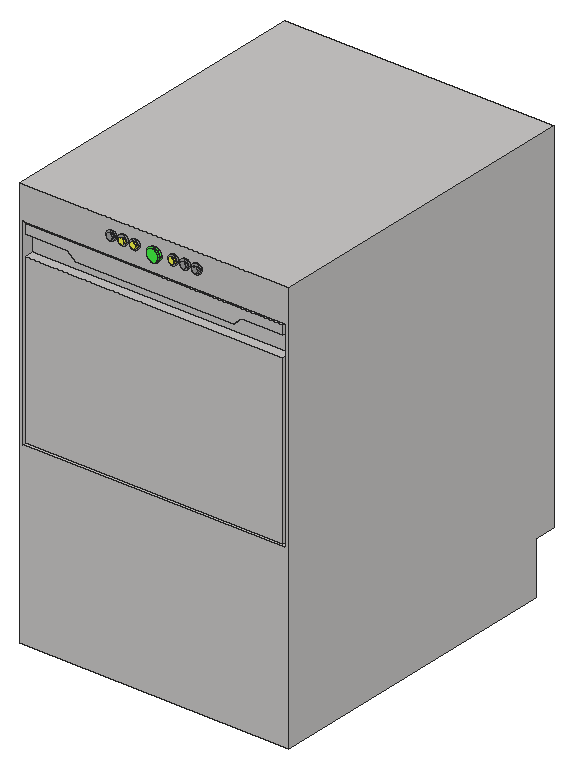
Revit family "QF_ELECTROLUXPROFESSIONAL_402204_ESICBP6", category Specialty Equipment, Revit 2018
Family settings
  Round Connector Dimension = Use Diameter
  Part Type = Normal
  Work Plane-Based = No
  Always vertical = Yes
  Cut with Voids When Loaded = No
  Shared = No
  Room Calculation Point = No
Parameters
  Weight = 41.70 kg
  Watts = 0 W
  Volts = 0 V
  URL Manufacturer = ""
  URL = "http://professional.electrolux.com/"
  Steam Supply Size = 0 mm
  Steam Supply Minimum Pressure = 0.0 Pa
  Steam Supply Maximum Pressure = 0.0 Pa
  Steam Pounds per Hour = 0
  Show Logo [instance] = yes
  Show Clearance [instance] = yes
  Refrigeration Suction Line Size = 0 mm
  Refrigeration Liquid Line Size = 0 mm
  Refrigerant Compressor Remote = yes
  Manufacturer = ""
  Phase = 0
  Model = ""
  Length Actual = 460 mm  # constant formula
  Item Number = ""
  Hot Water Size = 0 mm
  Height Actual = 715 mm  # constant formula
  HP = "4.4 HP"
  Gas Size = 0 mm
  Gas KW = 0
  Gas Input Pressure = 0 W
  Direct Waste Size = 27 mm
  Description = ""
  Depth Actual = 565 mm  # constant formula
  Cycle = 0 Hz
  Condensate Return Size = 0 mm
  Compressed Air Volume = 0.0 L/s
  Compressed Air Size = 0 mm
  Compressed Air Pressure = 0.0 Pa
  Cold Water Size = 0 mm
  Accessory = yes
Types (2, lengths in mm): name | Volts | URL Manufacturer | URL | Manufacturer | Phase | Model | Item Number | Description | Cycle | Cold Water Size
  (no name) | 0 V | "" | "http://professional.electrolux.com/" | "" | 0 | "" | "" | "" | 0 Hz | 0
  Standard | 220 V | "http://professional.electrolux.com" | "http://professional.electrolux.com" | "Electrolux Professional" | 1 | "ESICBP6" | "402204" | "GLASSWASHER(S) DOUBLE SKIN,COLD RINSE,RBP,DP,60B/H-60HZ" | 60 Hz | 19.05
Reference planes
  plane 1 "Center (Front/Back)": y = 0
  plane 2: z = 0
  plane 3 "Center (Left/Right)": x = 0
  plane 4 "LEFT": x = -230
  plane 5 "RIGHT": x = 230
  plane 6 "FRONT": y = -282.5
  plane 7 "BACK": y = 282.5
  plane 8: x = -202.5
  plane 9: x = 202.5
  plane 10: z = 715
  plane 11: z = 10
Forms (mm)
  Extrusion 1, solid, material "QF_Finishes_Stainless Steel"
    sketch origin (0, 0, 0) x (1, 0, 0) y (0, 1, 0)
      loop
        line (-230, -282.5) -> (230, -282.5) -> (230, 243.5) -> (-230, 243.5) -> (-230, -282.5)
    from 10 to 715
  Extrusion 2, solid, material "QF_Finishes_Stainless Steel"
    sketch origin (0, 0, 0) x (1, 0, 0) y (0, 1, 0)
      loop
        line (-230, 243.5) -> (230, 243.5) -> (230, 282.5) -> (-230, 282.5) -> (-230, 243.5)
    from 100 to 715
  Extrusion 3, solid, material "QF_Finishes_Stainless Steel"
    sketch origin (0, 0, 0) x (1, 0, 0) y (0, 1, 0)
      loop
        circle (-202.5, 184.5) r 12.5
      loop
        circle (202.5, 184.5) r 12.5
      loop
        circle (-202.5, -235.5) r 12.5
      loop
        circle (202.5, -235.5) r 12.5
    from 0 to 10
  Extrusion 4, void
    sketch origin (-230, -282.5, 0) x (-1, 0, 0) y (0, 0, 1)
      loop
        line (-5, 658.217) -> (-455, 658.217) -> (-455, 315) -> (-5, 315) -> (-5, 658.217)
    from 0 to 30
  Extrusion 5, solid, material "QF_Finishes_Stainless Steel"
    sketch origin (-53, -392, 738) x (0, 0, -1) y (1, 0, 0)
      loop
        circle (693, 213) r 10
    from -635.5 to -674.5
  Extrusion 6, solid, material "QF_Door-Drawer Clearances", visible <- "Show Clearance", detail levels coarse
    sketch origin (-230, -282.5, 0) x (0, 1, 0) y (0, 0, -1)
      loop
        line (0, -315) -> (-315, -315)
        arc (-315, -315) -> (-223.2, -545.869) -> (0, -655) r 344.605
        line (0, -655) -> (0, -315)
    from -10 to -450
  Extrusion 7, solid, material "QF_Finishes_Stainless Steel"
    sketch origin (-242.481, -392, 738) x (0, 0, -1) y (1, 0, 0)
      loop
        circle (663, 322.481) r 8
    from -635.5 to -674.5
  Extrusion 8, solid, material "QF_Finishes_Green"
    sketch origin (234, -282.5, -28.75) x (-1, 0, 0) y (0, 0, -1)
      loop
        circle (234, -714.569) r 10
    from 0 to 5
  Extrusion 9, solid, material "QF_Finishes_Gray"
    sketch origin (234, -282.5, -24.375) x (-1, 0, 0) y (0, 0, -1)
      loop
        circle (306.936, -713.972) r 5
    from 0 to 5
  Extrusion 10, solid, material "QF_Finishes_Stainless Steel"
    sketch origin (-230, -282.5, 0) x (0, 1, 0) y (0, 0, -1)
      loop
        line (0, -319.622) -> (0, -605) -> (15, -605) -> (15, -655) -> (25, -655) -> (25, -319.622) -> (0, -319.622)
    from -10 to -450
  Extrusion 11, solid, material "QF_Finishes_Stainless Steel"
    sketch origin (-230, -282.5, 0) x (0, 1, 0) y (0, 0, -1)
      loop
        line (15, -655) -> (15, -652.514) -> (2.5, -652.514) -> (2.5, -626.25) -> (0, -626.25) -> (0, -655) -> (15, -655)
    from -10 to -450
  Extrusion 12, void
    sketch origin (-230, -282.5, 655) x (0, 0, 1) y (1, 0, 0)
      loop
        line (-15.552, 10) -> (-15.552, 81.607) -> (-28.75, 94.804) -> (-28.75, 10) -> (-15.552, 10)
      loop
        line (-15.552, 450) -> (-28.75, 450) -> (-28.75, 365.196) -> (-15.552, 378.393) -> (-15.552, 450)
    from 0 to 2.5
  Extrusion 13, solid, material "QF_Finishes_Stainless Steel"
    sketch origin (-328, -392, 738) x (0, 0, -1) y (1, 0, 0)
      loop
        circle (663, 228) r 8
    from -635.5 to -674.5
  Extrusion 14, solid, material "QF_Finishes_Green"
    sketch origin (-230, -282.5, 0) x (1, 0, 0) y (0, 0, 1)
      loop
        circle (230, 685.819) r 12
      loop
        circle (230, 685.819) r 10
    from 0 to 2.5
  Extrusion 15, solid, material "QF_Finishes_Gray"
    sketch origin (-210, -282.5, -28.75) x (1, 0, 0) y (0, 0, 1)
      loop
        circle (262.936, 718.347) r 8
      loop
        circle (262.936, 718.347) r 5
      loop
        circle (242.936, 718.347) r 8
      loop
        circle (242.936, 718.347) r 5
      loop
        circle (282.936, 718.347) r 8
      loop
        circle (282.936, 718.347) r 5
    from 0 to 2.5
  Extrusion 16, solid, material "QF_Finishes_Gray"
    sketch origin (-234, -282.5, -24.375) x (1, 0, 0) y (0, 0, 1)
      loop
        circle (286.936, 713.972) r 5
      loop
        circle (306.936, 713.972) r 5
    from 0 to 5
  Extrusion 17, solid, material "QF_Finishes_Gray"
    sketch origin (210, -282.5, -28.75) x (-1, 0, 0) y (0, 0, -1)
      loop
        circle (262.936, -718.347) r 8
      loop
        circle (262.936, -718.347) r 5
      loop
        circle (242.936, -718.347) r 8
      loop
        circle (242.936, -718.347) r 5
      loop
        circle (282.936, -718.347) r 8
      loop
        circle (282.936, -718.347) r 5
    from 0 to 2.5
  Extrusion 18, solid, material "QF_Finishes_Yellow"
    sketch origin (254, -282.5, -24.375) x (-1, 0, 0) y (0, 0, -1)
      loop
        circle (306.936, -713.972) r 5
    from 0 to 5
  Extrusion 19, solid, material "QF_Finishes_Yellow"
    sketch origin (274, -282.5, -24.375) x (-1, 0, 0) y (0, 0, -1)
      loop
        circle (306.936, -713.972) r 5
    from 0 to 5
  Extrusion 20, solid, material "QF_Finishes_Yellow"
    sketch origin (339.871, -282.5, -24.375) x (-1, 0, 0) y (0, 0, -1)
      loop
        circle (306.936, -713.972) r 5
    from 0 to 5
Cuts and joins
  Extrusion 4 cuts Extrusion 1
  joined: Extrusion 1, Extrusion 2
  Extrusion 12 cuts Extrusion 10
  Extrusion 12 cuts Extrusion 11
Lines and regions (mm)
  Split face 1
    outline origin (-230, -282.5, 715) x (0, 0, -1) y (1, 0, 0)
      loop
        line (35, 0) -> (35, 60) -> (49.142, 74.142) -> (49.142, 214.142) -> (11.456, 214.142)
        arc (11.456, 214.142) -> (9.82, 214.82) -> (9.142, 216.456) r 2.314
        line (9.142, 216.456) -> (9.142, 230) -> (9.142, 243.544)
        arc (9.142, 243.544) -> (9.82, 245.18) -> (11.456, 245.858) r 2.314
        line (11.456, 245.858) -> (49.142, 245.858) -> (49.142, 385.858) -> (35, 400) -> (35, 460)
      loop
        line (56.783, 5) -> (56.783, 0)
      loop
        line (56.783, 455) -> (56.783, 460)
  symbolic lines
    curve 1: line (-230, 282.5, 0) -> (230, 282.5, 0)
    curve 2: line (-230, -282.5, 0) -> (-230, 282.5, 0)
    curve 3: line (230, -282.5, 0) -> (-230, -282.5, 0)
    curve 4: line (230, 282.5, 0) -> (230, -282.5, 0)
    curve 9: line (-80.94, -285, 0) -> (-80.94, -282.5, 0)
    curve 10: line (-64.948, -285, 0) -> (-64.948, -282.5, 0)
    curve 11: line (-77.926, -287.5, 0) -> (-67.936, -287.5, 0)
    curve 12: line (-67.936, -287.5, 0) -> (-67.936, -285, 0)
    curve 13: line (-77.926, -287.5, 0) -> (-77.926, -285, 0)
    curve 14: line (-60.936, -285, 0) -> (-44.936, -285, 0)
    curve 15: line (-44.936, -285, 0) -> (-44.936, -282.5, 0)
    curve 16: line (-60.936, -285, 0) -> (-60.936, -282.5, 0)
    curve 17: line (-57.936, -287.5, 0) -> (-47.936, -287.5, 0)
    curve 18: line (-47.936, -287.5, 0) -> (-47.936, -285, 0)
    curve 19: line (-57.936, -287.5, 0) -> (-57.936, -285, 0)
    curve 20: line (-40.936, -285, 0) -> (-24.936, -285, 0)
    curve 21: line (-24.936, -285, 0) -> (-24.936, -282.5, 0)
    curve 22: line (-40.936, -285, 0) -> (-40.936, -282.5, 0)
    curve 23: line (-37.936, -287.5, 0) -> (-27.936, -287.5, 0)
    curve 24: line (-27.936, -287.5, 0) -> (-27.936, -285, 0)
    curve 25: line (-37.936, -287.5, 0) -> (-37.936, -285, 0)
    curve 26: line (24.936, -285, 0) -> (40.936, -285, 0)
    curve 27: line (40.936, -285, 0) -> (40.936, -282.5, 0)
    curve 28: line (27.936, -287.5, 0) -> (37.936, -287.5, 0)
    curve 29: line (37.936, -287.5, 0) -> (37.936, -285, 0)
    curve 30: line (27.936, -287.5, 0) -> (27.936, -285, 0)
    curve 31: line (24.936, -285, 0) -> (24.936, -282.5, 0)
    curve 32: line (-12, -285, 0) -> (12, -285, 0)
    curve 33: line (12, -285, 0) -> (12, -282.5, 0)
    curve 34: line (-12, -285, 0) -> (-12, -282.5, 0)
    curve 35: line (-10, -287.5, 0) -> (10, -287.5, 0)
    curve 36: line (10, -287.5, 0) -> (10, -285, 0)
    curve 37: line (-10, -287.5, 0) -> (-10, -285, 0)
    curve 39: line (44.936, -285, 0) -> (60.936, -285, 0)
    curve 40: line (60.936, -285, 0) -> (60.936, -282.5, 0)
    curve 41: line (47.936, -287.5, 0) -> (57.936, -287.5, 0)
    curve 42: line (57.936, -287.5, 0) -> (57.936, -285, 0)
    curve 43: line (47.936, -287.5, 0) -> (47.936, -285, 0)
    curve 44: line (44.936, -285, 0) -> (44.936, -282.5, 0)
    curve 45: line (64.936, -285, 0) -> (80.936, -285, 0)
    curve 46: line (80.936, -285, 0) -> (80.936, -282.5, 0)
    curve 47: line (67.936, -287.5, 0) -> (77.936, -287.5, 0)
    curve 48: line (77.936, -287.5, 0) -> (77.936, -285, 0)
    curve 49: line (67.936, -287.5, 0) -> (67.936, -285, 0)
    curve 50: line (64.936, -285, 0) -> (64.936, -282.5, 0)
  symbolic lines, style "QF_Door-Drawer Clearances"
    curve 5: line (-220, -597.5, 0) -> (220, -597.5, 0)
    curve 6: line (220, -597.5, 0) -> (220, -282.5, 0)
    curve 7: line (-220, -597.5, 0) -> (-220, -282.5, 0)
  symbolic lines, style "SpecialityEquipment"
    curve 8: line (-80.94, -285, 0) -> (-64.948, -285, 0)
  symbolic lines, style "SpecialityEquipmentHiddenLines"
    curve 38: line (-230, 243.5, 0) -> (230, 243.5, 0)
Dimensions and locks
  equal spacing: plane 4 "LEFT", plane 3 "Center (Left/Right)", plane 5 "RIGHT"
  equal spacing: plane 7 "BACK", plane 1 "Center (Front/Back)", plane 6 "FRONT"
  plane 7 "BACK" to plane 6 "FRONT" = 565 mm
  plane 4 "LEFT" to plane 5 "RIGHT" = 460 mm
  plane 4 "LEFT" to plane 8 = 27.5 mm
  plane 9 to plane 5 "RIGHT" = 27.5 mm
  locked: plane 11 to level at 10
  plane 4 "LEFT" to plane 3 "Center (Left/Right)" = 230 mm
  plane 10 to level = 715 mm  (x2)
  plane 8 to plane 9 = 405 mm
  level to Extrusion 13 sketch curve = 75 mm
  Extrusion 13 sketch curve to plane 4 "LEFT" = 130 mm
  level to Extrusion 5 sketch curve = 45 mm
  Extrusion 5 sketch curve to plane 4 "LEFT" = 390 mm
  Extrusion 7 sketch curve to plane 4 "LEFT" = 310 mm
  level to Extrusion 7 sketch curve = 75 mm
  locked: Extrusion 3 to cut or joined group of Extrusion 1, Extrusion 2, Extrusion 4 at 98
  Extrusion 3 to Extrusion 3 = 420 mm
  locked: plane 6 "FRONT" to Extrusion 3 at 47
  plane 9 to plane 8 = 405 mm
  plane 7 "BACK" to curve 5 = 880 mm
  cut or joined group of Extrusion 10, Extrusion 12 to cut or joined group of Extrusion 1, Extrusion 2, Extrusion 4 = 290 mm
  aligned and locked: level to plane 2
  aligned and locked: Extrusion 1 sketch curve to plane 6 "FRONT"
  aligned and locked: Extrusion 1 sketch curve to plane 4 "LEFT"
  aligned and locked: plane 5 "RIGHT" to Extrusion 1 sketch curve
  aligned and locked: Extrusion 1 to plane 11
  aligned and locked: Extrusion 2 sketch curve to Extrusion 1  (x2)
  aligned and locked: plane 7 "BACK" to Extrusion 2 sketch curve
  aligned and locked: plane 5 "RIGHT" to Extrusion 2 sketch curve
  aligned and locked: plane 11 to Extrusion 3
  aligned and locked: Extrusion 2 to Extrusion 5
  aligned and locked: Extrusion 2 to Extrusion 7
  aligned and locked: plane 7 "BACK" to Extrusion 7
  aligned and locked: plane 7 "BACK" to Extrusion 5
  aligned and locked: cut or joined group of Extrusion 11, Extrusion 12 to Extrusion 12
  aligned and locked: plane 10 to Extrusion 2
Automatic sketch dimensions
  curve 1 to plane 4 "LEFT" = 0 mm
  curve 7 to plane 6 "FRONT" = 0 mm
  curve 4 to plane 5 "RIGHT" = 0 mm
  curve 2 to plane 7 "BACK" = 0 mm
  plane 4 "LEFT" to curve 5 = 10 mm
  curve 8 to plane 6 "FRONT" = 2.5 mm
  curve 8 to plane 3 "Center (Left/Right)" = 80.94 mm
  curve 8 to curve 11 = 3.013 mm
  curve 11 to curve 11 = 9.991 mm
  curve 12 to curve 10 = 2.987 mm
  curve 8 to curve 16 = 4.013 mm
  curve 14 to curve 19 = 3 mm
  curve 17 to plane 6 "FRONT" = 5 mm
  curve 17 to curve 17 = 10 mm
  curve 18 to curve 14 = 3 mm
  curve 14 to curve 20 = 4 mm
  curve 20 to curve 25 = 3 mm
  curve 24 to plane 6 "FRONT" = 5 mm
  curve 23 to curve 24 = 10 mm
  curve 24 to curve 21 = 3 mm
  curve 34 to plane 6 "FRONT" = 2.5 mm
  curve 34 to plane 3 "Center (Left/Right)" = 12 mm
  curve 32 to curve 37 = 2 mm
  plane 3 "Center (Left/Right)" to curve 36 = 10 mm
  curve 36 to curve 33 = 2 mm
  curve 26 to plane 6 "FRONT" = 2.5 mm
  curve 32 to curve 26 = 12.936 mm
  curve 26 to curve 30 = 3 mm
  curve 28 to plane 6 "FRONT" = 5 mm
  curve 28 to curve 28 = 10 mm
  curve 29 to curve 27 = 3 mm
  curve 26 to curve 44 = 4 mm
  curve 39 to curve 43 = 3 mm
  curve 41 to plane 6 "FRONT" = 5 mm
  curve 41 to curve 41 = 10 mm
  curve 42 to curve 39 = 3 mm
  curve 39 to curve 50 = 4 mm
  curve 45 to curve 47 = 3 mm
  curve 47 to plane 6 "FRONT" = 5 mm
  curve 47 to curve 47 = 10 mm
  curve 48 to curve 45 = 3 mm
  curve 6 to plane 5 "RIGHT" = 10 mm
  curve 35 to curve 36 = 2.5 mm
  curve 11 to curve 13 = 2.5 mm
  curve 15 to plane 6 "FRONT" = 2.5 mm
  curve 20 to plane 6 "FRONT" = 2.5 mm
  curve 40 to plane 6 "FRONT" = 2.5 mm
  curve 45 to plane 6 "FRONT" = 2.5 mm
  curve 38 to plane 7 "BACK" = 39 mm
  Extrusion 1 sketch curve to plane 7 "BACK" = 39 mm
  Extrusion 3 sketch curve to plane 8 = 0 mm  (x2)
  Extrusion 3 sketch curve to plane 9 = 0 mm  (x2)
  plane 6 "FRONT" to Extrusion 3 sketch curve = 47 mm  (x2)
  Extrusion 3 sketch curve to plane 7 "BACK" = 98 mm  (x2)
  Extrusion 4 sketch curve to Extrusion 1 = 5 mm  (x2)
  Extrusion 4 sketch curve to Extrusion 1 = 305 mm
  Extrusion 4 sketch curve to Extrusion 1 = 56.783 mm
  Extrusion 6 sketch curve to plane 6 "FRONT" = 0 mm
  Extrusion 6 sketch curve to plane 6 "FRONT" = 315 mm
  plane 6 "FRONT" to Extrusion 6 sketch curve = 29.589 mm
  Extrusion 6 sketch curve to plane 10 = 60 mm
  plane 11 to Extrusion 6 sketch curve = 305 mm
  Extrusion 8 sketch curve to Extrusion 8 sketch curve = 0 mm  (x2)
  Extrusion 8 sketch curve to plane 3 "Center (Left/Right)" = 0 mm
  Extrusion 8 sketch curve to plane 10 = 29.181 mm
  plane 3 "Center (Left/Right)" to Extrusion 8 sketch curve = 10 mm
  Extrusion 9 sketch curve to Extrusion 9 sketch curve = 0 mm  (x2)
  Extrusion 9 sketch curve to plane 10 = 25.403 mm
  Extrusion 9 sketch curve to plane 3 "Center (Left/Right)" = 72.936 mm
  Extrusion 9 sketch curve to Extrusion 9 sketch curve = 5 mm
  Extrusion 10 sketch curve to plane 6 "FRONT" = 0 mm
  plane 6 "FRONT" to Extrusion 10 sketch curve = 15 mm
  Extrusion 10 sketch curve to Extrusion 10 sketch curve = 25 mm
  Extrusion 10 sketch curve to plane 10 = 60 mm
  Extrusion 10 sketch curve to Extrusion 10 sketch curve = 50 mm
  Extrusion 10 sketch curve to Extrusion 10 sketch curve = 285.378 mm
  Extrusion 11 sketch curve to plane 6 "FRONT" = 0 mm
  Extrusion 11 sketch curve to Extrusion 11 sketch curve = 2.5 mm
  Extrusion 11 sketch curve to Extrusion 11 sketch curve = 12.5 mm
  Extrusion 11 sketch curve to plane 10 = 60 mm
  Extrusion 11 sketch curve to Extrusion 11 sketch curve = 2.486 mm
  Extrusion 11 sketch curve to Extrusion 11 sketch curve = 26.264 mm
  Extrusion 12 sketch curve to Extrusion 11 = 0 mm  (x3)
  Extrusion 11 to Extrusion 12 sketch curve = 0 mm
  Extrusion 12 sketch curve to Extrusion 11 = 13.198 mm  (x2)
  Extrusion 12 sketch curve to Extrusion 11 = 71.607 mm
  Extrusion 12 sketch curve to Extrusion 12 sketch curve = 13.198 mm  (x2)
  Extrusion 12 sketch curve to Extrusion 11 = 84.804 mm
  Extrusion 14 sketch curve to Extrusion 14 sketch curve = 0 mm  (x2)
  Extrusion 1 to Extrusion 14 sketch curve = 29.181 mm
  Extrusion 1 to Extrusion 14 sketch curve = 230 mm
  Extrusion 15 sketch curve to Extrusion 15 sketch curve = 0 mm  (x8)
  plane 3 "Center (Left/Right)" to Extrusion 15 sketch curve = 32.936 mm
  Extrusion 15 sketch curve to Extrusion 15 sketch curve = 20 mm  (x2)
  Extrusion 15 sketch curve to plane 10 = 25.403 mm
  Extrusion 16 sketch curve to Extrusion 16 sketch curve = 0 mm  (x5)
  Extrusion 16 sketch curve to plane 10 = 25.403 mm
  plane 3 "Center (Left/Right)" to Extrusion 16 sketch curve = 52.936 mm
  Extrusion 16 sketch curve to Extrusion 16 sketch curve = 20 mm
  Extrusion 16 sketch curve to Extrusion 16 sketch curve = 5 mm  (x2)
  Split face 1 sketch curve to cut or joined group of Extrusion 1, Extrusion 2, Extrusion 4 = 0 mm  (x6)
  cut or joined group of Extrusion 1, Extrusion 2, Extrusion 4 to Split face 1 sketch curve = 0 mm  (x2)
  cut or joined group of Extrusion 1, Extrusion 2, Extrusion 4 to Split face 1 sketch curve = 7.641 mm  (x2)
  Split face 1 sketch curve to Split face 1 sketch curve = 14.142 mm  (x4)
  Split face 1 sketch curve to cut or joined group of Extrusion 1, Extrusion 2, Extrusion 4 = 11.456 mm  (x2)
  Split face 1 sketch curve to cut or joined group of Extrusion 1, Extrusion 2, Extrusion 4 = 9.142 mm
  Split face 1 sketch curve to cut or joined group of Extrusion 1, Extrusion 2, Extrusion 4 = 55 mm
  Split face 1 sketch curve to Split face 1 sketch curve = 140 mm
  Split face 1 sketch curve to Split face 1 sketch curve = 13.544 mm  (x2)
  Split face 1 sketch curve to cut or joined group of Extrusion 1, Extrusion 2, Extrusion 4 = 69.142 mm
  Extrusion 17 sketch curve to Extrusion 17 sketch curve = 0 mm  (x8)
  Extrusion 17 sketch curve to plane 3 "Center (Left/Right)" = 32.936 mm
  Extrusion 17 sketch curve to Extrusion 17 sketch curve = 20 mm  (x2)
  Extrusion 17 sketch curve to plane 10 = 25.403 mm
  Extrusion 18 sketch curve to Extrusion 18 sketch curve = 0 mm  (x2)
  Extrusion 18 sketch curve to plane 10 = 25.403 mm
  Extrusion 18 sketch curve to plane 3 "Center (Left/Right)" = 52.936 mm
  Extrusion 18 sketch curve to Extrusion 18 sketch curve = 5 mm
  Extrusion 19 sketch curve to Extrusion 19 sketch curve = 0 mm  (x2)
  Extrusion 19 sketch curve to plane 3 "Center (Left/Right)" = 32.936 mm
  Extrusion 19 sketch curve to plane 10 = 25.403 mm
  Extrusion 19 sketch curve to Extrusion 19 sketch curve = 5 mm
  Extrusion 20 sketch curve to Extrusion 20 sketch curve = 0 mm  (x2)
  plane 3 "Center (Left/Right)" to Extrusion 20 sketch curve = 32.936 mm
  Extrusion 20 sketch curve to plane 10 = 25.403 mm
  Extrusion 20 sketch curve to Extrusion 20 sketch curve = 5 mm
  radius of Extrusion 5 sketch curve = 10 mm
  radius of Extrusion 7 sketch curve = 8 mm
  radius of Extrusion 13 sketch curve = 8 mm
  radius of Extrusion 3 sketch curve = 12.5 mm  (x4)
  radius of Extrusion 14 sketch curve = 12 mm
  radius of Extrusion 14 sketch curve = 10 mm
  radius of Extrusion 15 sketch curve = 8 mm  (x3)
  radius of Extrusion 15 sketch curve = 5 mm  (x3)
  radius of Extrusion 17 sketch curve = 8 mm  (x3)
  radius of Extrusion 17 sketch curve = 5 mm  (x3)
Connectors
  piping at (160, 282.5, 45), diameter 20
    settings: on Extrusion 5, index 1, connector inside diameter 609.6 mm, connector length 0 mm, flow factor 0, pipe flow 0.0 L/s, pressure drop 0.0 Pa, fitting loss kfactor 0, connector angle 0.00°, fixture units 0, engagement length 0 mm, angle of deflection 0.00°, flow configuration 1, flow direction 1, fitting loss method 0, system type 16, joint type 0, gender type 0, connector reference index -1, connector utility 0, adjustable connector no, is connector primary yes, connector description "Drain"
  piping at (80, 282.5, 75), driven by "Cold Water Size"
    settings: on Extrusion 7, index 3, connector diameter 0 mm, connector inside diameter 609.6 mm, connector length 0 mm, flow factor 0, pipe flow 0.0 L/s, pressure drop 0.0 Pa, fitting loss kfactor 0, connector angle 0.00°, fixture units 0, engagement length 0 mm, angle of deflection 0.00°, flow configuration 1, flow direction 1, fitting loss method 0, system type 20, joint type 0, gender type 0, connector reference index -1, connector utility 0, adjustable connector no, is connector primary no, connector description "Cold Water Inlet"
  electrical at (-100, 282.5, 75), driven by "Volts"
    settings: on Extrusion 13, index 4, voltage 0 V, apparent load 0 VA, apparent load phase1 0 VA, apparent load phase2 0 VA, apparent load phase3 0 VA, power factor 1, load classification "Altro", number of poles 1, system type 31, power factor state 1, is connector primary yes, connector utility no, sub classification motor no, connector description "Electrical Connection"
